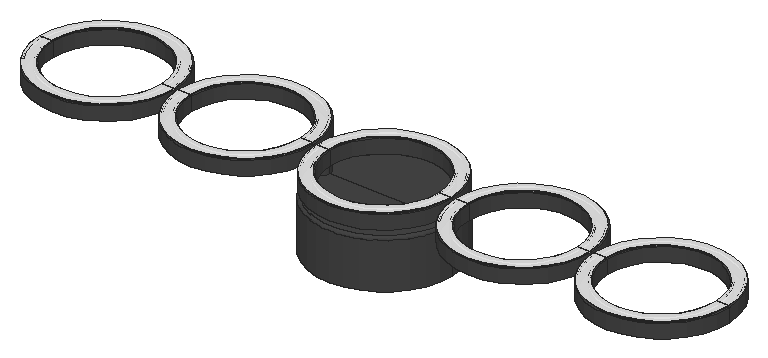
Revit family "AFX-Glo-Led_Sconce-Vanity-1", category Lighting Fixtures, host Face, Revit 2020
Family settings
  Host = Face
  Round Connector Dimension = Use Diameter
  Part Type = Normal
  Cut with Voids When Loaded = No
  Light Source = Yes
  Shared = No
  Room Calculation Point = No
Parameters (values of type "GLOV2405L30D1BK")
  Width = 4 3/4"
  Wattage Comments = "12W"
  Wattage = 19 W
  built-in parameter 1150110 = 1 (stored number, unit not read)
  Voltage = 120 V
  URL = "https://www.afxinc.com/"
  Type Comments = "GLO"  # constant formula
  built-in parameter 1114217 = 1 (stored number, unit not read)
  Tilt Angle = 90.00°
  built-in parameter 1150109 = 1 (stored number, unit not read)
  built-in parameter 1150134 = (empty or 0)
  built-in parameter 1150113 = 1 (stored number, unit not read)
  Qty L = if(and(Height = 24"), 5, 3)  # 5
  Emit from Rectangle Width = 24"
  Emit from Rectangle Length = 48"
  Diffuser Finish = AFX - White Acrylic
  Revit Model Built By = "https://servex-us.com/servex-revit/"
  Product Documentation Link = "https://www.afxinc.com/products/productDetail.cfm?productID=1912"
  Photometric Web File = "GLOV2405L30D1xx_IES.IES"
  built-in parameter 1150142 = "IESNA:LM-63-2002\r\n[TEST] \r\n[TESTLAB] LCTECH\r\n[TESTDATE] 2022/9/19\r\n[ISSUEDATE] 2022/9/19\r\n[MANUFAC] AFX\r\n[LUMCAT] GLOV2405L30D1xx\r\n[LUMINAIRE] LED µÆ¾ß\r\n[LAMPCAT] \r\n[LAMP] \r\n[LumELE] 120 0.124 14.72 0.99\r\nTILT=NONE\r\n1 723.33 1 37 7 1 2 .12 .6 0\r\n1 1 14.72\r\n0.00 5.00 10.00 15.00 20.00 25.00 30.00 35.00 40.00 45.00 50.00 55.00 60.00 65.00 70.00 75.00 80.00 85.00 90.00 95.00 100.00 105.00 110.00 115.00 120.00 125.00 130.00 135.00 140.00 145.00 150.00 155.00 160.00 165.00 170.00 175.00 180.00\r\n0.00 15.00 30.00 45.00 60.00 75.00 90.00\r\n232.44 231.551 227.773 222.04 214.395 204.929 194.085 181.374 167.952 153.508 137.419 121.375 104.309 87.198 70.443 53.999 39.155 23.466 11.733 2.044 2.844 3.422 3.511 3.467 3.333 3.20 3.20 3.289 3.022 2.889 2.711 2.711 2.489 2.222 2.178 2.80 1.482\r\n232.44 231.331 227.849 222.193 214.585 205.026 194.114 181.249 167.698 152.882 137.091 121.211 104.487 87.409 70.309 56.006 39.058 23.999 9.314 3.26 4.036 4.391 4.391 4.17 3.925 3.837 3.859 3.615 3.305 3.194 2.994 2.905 2.528 2.329 2.262 2.772 1.482\r\n232.44 231.308 227.846 222.231 214.62 205.21 193.737 181.376 167.529 152.904 137.214 121.191 106.23 87.459 70.571 54.282 39.324 24.921 10.698 5.06 5.948 5.97 5.437 4.949 4.616 4.527 4.327 4.083 3.751 3.462 3.307 3.151 2.929 2.552 2.33 2.73 1.482\r\n232.44 231.262 227.753 222.244 214.603 205.096 193.878 181.15 167.445 154.379 137.189 121.373 104.536 87.298 70.639 54.334 39.829 26.255 11.93 6.442 7.174 6.841 6.153 5.62 5.176 4.842 4.553 4.265 3.865 3.643 3.399 3.243 3.088 2.732 2.421 2.644 1.482\r\n232.44 231.376 227.921 222.096 214.565 204.907 195.296 181.118 167.563 152.833 137.129 120.96 104.259 87.248 70.415 54.289 39.803 26.824 13.002 7.198 8.063 7.398 6.601 6.114 5.582 5.161 4.74 4.297 3.921 3.699 3.455 3.256 3.101 2.835 2.481 2.414 1.482\r\n232.44 231.209 227.801 222.284 214.348 204.72 193.575 181.001 167.152 152.512 136.773 120.858 104.02 86.895 70.079 54.032 39.678 27.193 13.41 7.32 8.332 7.584 6.749 6.221 5.825 5.408 4.946 4.506 4.067 3.759 3.517 3.341 3.056 2.902 2.66 2.374 1.482\r\n232.44 231.434 228.109 222.379 214.768 205.145 194.035 181.00 167.484 152.962 136.953 120.90 103.885 86.826 69.854 53.933 39.542 27.426 13.778 7.48 8.267 7.655 6.736 6.255 5.774 5.38 5.03 4.637 4.155 3.805 3.587 3.368 3.193 2.887 2.712 2.406 1.482\r\n"
  Model = "GLOV2405L30D1BK"
  Manufacturer = "AFX Inc"  # constant formula
  built-in parameter 1150105 = 906.94 (stored number, unit not read)
  Lumens = 2822.3 lm
  built-in parameter 1150115 = 1 (stored number, unit not read)
  built-in parameter 1150137 = (empty or 0)
  built-in parameter 1150139 = (empty or 0)
  built-in parameter 1150112 = 1 (stored number, unit not read)
  built-in parameter 1150114 = 1 (stored number, unit not read)
  Lamp = "LED"
  built-in parameter 1150132 = (empty or 0)
  built-in parameter 1150102 = (empty or 0)
  built-in parameter 1150107 = 3000 (stored number, unit not read)
  built-in parameter 1150138 = (empty or 0)
  built-in parameter 1150106 = 9.0694 (stored number, unit not read)
  Height = 24"
  Emit Shape Visible in Rendering = no
  built-in parameter 1150104 = 13.8 (stored number, unit not read)
  Dimming Lamp Color Temperature Shift = <None>
  Description = "LED Vanity - 24\"H x 4 3/4\"W x 2 1/2\"D"
  Depth = 2 1/2"
  Default Elevation = 48"
  Connector Finish = AFX - Aluminum Black
  Colour Rendering Index = "90 CRI"
  Color Rendering Index = 90
  Color Filter = 16777215
  Canopy Finish = AFX - Aluminum Black
  Cable Finish = AFX - Aluminum Black
  Body Finish = AFX - Aluminum Black
  built-in parameter 1114218 = 1 (stored number, unit not read)
  built-in parameter 1150133 = 10 (stored number, unit not read)
  Assembly Code = "D5020200"
  Apparent Load = 120 VA
Types (3): name | Qty L | Photometric Web File | built-in parameter 1150142 | Model | built-in parameter 1150105 | built-in parameter 1150106 | Height | Description
  (no name) | 5 | "GLOV2405L30D1xx_IES.IES" | "IESNA:LM-63-2002\r\n[TEST] \r\n[TESTLAB] LCTECH\r\n[TESTDATE] 2022/9/19\r\n[ISSUEDATE] 2022/9/19\r\n[MANUFAC] AFX\r\n[LUMCAT] GLOV2405L30D1xx\r\n[LUMINAIRE] LED µÆ¾ß\r\n[LAMPCAT] \r\n[LAMP] \r\n[LumELE] 120 0.124 14.72 0.99\r\nTILT=NONE\r\n1 723.33 1 37 7 1 2 .12 .6 0\r\n1 1 14.72\r\n0.00 5.00 10.00 15.00 20.00 25.00 30.00 35.00 40.00 45.00 50.00 55.00 60.00 65.00 70.00 75.00 80.00 85.00 90.00 95.00 100.00 105.00 110.00 115.00 120.00 125.00 130.00 135.00 140.00 145.00 150.00 155.00 160.00 165.00 170.00 175.00 180.00\r\n0.00 15.00 30.00 45.00 60.00 75.00 90.00\r\n232.44 231.551 227.773 222.04 214.395 204.929 194.085 181.374 167.952 153.508 137.419 121.375 104.309 87.198 70.443 53.999 39.155 23.466 11.733 2.044 2.844 3.422 3.511 3.467 3.333 3.20 3.20 3.289 3.022 2.889 2.711 2.711 2.489 2.222 2.178 2.80 1.482\r\n232.44 231.331 227.849 222.193 214.585 205.026 194.114 181.249 167.698 152.882 137.091 121.211 104.487 87.409 70.309 56.006 39.058 23.999 9.314 3.26 4.036 4.391 4.391 4.17 3.925 3.837 3.859 3.615 3.305 3.194 2.994 2.905 2.528 2.329 2.262 2.772 1.482\r\n232.44 231.308 227.846 222.231 214.62 205.21 193.737 181.376 167.529 152.904 137.214 121.191 106.23 87.459 70.571 54.282 39.324 24.921 10.698 5.06 5.948 5.97 5.437 4.949 4.616 4.527 4.327 4.083 3.751 3.462 3.307 3.151 2.929 2.552 2.33 2.73 1.482\r\n232.44 231.262 227.753 222.244 214.603 205.096 193.878 181.15 167.445 154.379 137.189 121.373 104.536 87.298 70.639 54.334 39.829 26.255 11.93 6.442 7.174 6.841 6.153 5.62 5.176 4.842 4.553 4.265 3.865 3.643 3.399 3.243 3.088 2.732 2.421 2.644 1.482\r\n232.44 231.376 227.921 222.096 214.565 204.907 195.296 181.118 167.563 152.833 137.129 120.96 104.259 87.248 70.415 54.289 39.803 26.824 13.002 7.198 8.063 7.398 6.601 6.114 5.582 5.161 4.74 4.297 3.921 3.699 3.455 3.256 3.101 2.835 2.481 2.414 1.482\r\n232.44 231.209 227.801 222.284 214.348 204.72 193.575 181.001 167.152 152.512 136.773 120.858 104.02 86.895 70.079 54.032 39.678 27.193 13.41 7.32 8.332 7.584 6.749 6.221 5.825 5.408 4.946 4.506 4.067 3.759 3.517 3.341 3.056 2.902 2.66 2.374 1.482\r\n232.44 231.434 228.109 222.379 214.768 205.145 194.035 181.00 167.484 152.962 136.953 120.90 103.885 86.826 69.854 53.933 39.542 27.426 13.778 7.48 8.267 7.655 6.736 6.255 5.774 5.38 5.03 4.637 4.155 3.805 3.587 3.368 3.193 2.887 2.712 2.406 1.482\r\n" | "GLOV2405L30D1BK" | 906.94 (stored number, unit not read) | 9.0694 (stored number, unit not read) | 24" | "LED Vanity - 24\"H x 4 3/4\"W x 2 1/2\"D"
  GLOS0514L30D1BK | 3 | "GLOS0514L30D1xx_IES.IES" | "IESNA:LM-63-2002\r\n[TEST] \r\n[TESTLAB] LCTECH\r\n[TESTDATE] 2022/9/19\r\n[ISSUEDATE] 2022/9/19\r\n[MANUFAC] AFX\r\n[LUMCAT] GLOS0514L30D1xx\r\n[LUMINAIRE] LED µÆ¾ß\r\n[LAMPCAT] \r\n[LAMP] \r\n[LumELE] 119.99 0.1 11.98 0.9947\r\nTILT=NONE\r\n1 559.38 1 37 7 1 2 .12 .355 0\r\n1 1 11.98\r\n0.00 5.00 10.00 15.00 20.00 25.00 30.00 35.00 40.00 45.00 50.00 55.00 60.00 65.00 70.00 75.00 80.00 85.00 90.00 95.00 100.00 105.00 110.00 115.00 120.00 125.00 130.00 135.00 140.00 145.00 150.00 155.00 160.00 165.00 170.00 175.00 180.00\r\n0.00 15.00 30.00 45.00 60.00 75.00 90.00\r\n180.597 179.843 177.18 172.743 166.93 159.742 151.045 141.46 130.589 119.185 107.382 94.558 81.335 67.668 54.49 41.755 30.129 19.169 8.076 2.174 2.529 2.662 2.307 2.086 1.997 1.908 1.952 1.997 2.041 1.952 1.908 1.775 1.686 1.42 1.331 1.731 0.954\r\n180.597 179.642 177.354 172.777 167.002 159.783 151.342 141.324 130.861 119.466 107.137 94.587 81.503 67.997 54.38 43.099 30.056 19.013 8.199 2.799 3.087 3.02 2.643 2.421 2.266 2.221 2.199 2.177 2.066 1.91 1.932 1.821 1.821 1.599 1.488 1.733 0.954\r\n180.597 179.865 177.29 172.919 167.082 159.604 151.259 141.295 130.954 119.747 107.209 94.604 82.865 67.907 54.503 41.876 30.225 19.44 8.944 3.95 4.15 3.728 3.284 2.907 2.73 2.641 2.574 2.419 2.33 2.219 2.13 1.997 1.931 1.753 1.598 1.775 0.954\r\n180.597 179.844 177.297 172.956 167.087 159.711 151.206 141.66 130.785 120.642 106.954 94.374 81.24 67.685 54.44 41.905 30.52 19.867 9.192 5.05 5.094 4.496 3.898 3.544 3.189 2.924 2.835 2.636 2.458 2.259 2.237 2.126 2.038 1.949 1.661 1.705 0.954\r\n180.597 179.778 177.058 172.724 166.93 159.565 152.137 141.165 130.726 119.182 106.886 94.169 81.143 67.808 54.494 41.866 30.565 19.969 9.605 5.686 5.505 4.932 4.29 3.892 3.583 3.295 3.03 2.764 2.565 2.366 2.234 2.189 2.101 1.968 1.792 1.703 0.954\r\n180.597 179.737 177.201 172.99 166.925 159.605 151.182 141.478 130.74 119.229 107.057 94.335 81.214 67.63 54.378 41.876 30.476 20.197 9.863 5.89 5.643 5.05 4.432 4.035 3.727 3.484 3.219 2.889 2.624 2.47 2.293 2.161 2.139 2.007 1.853 1.764 0.954\r\n180.597 179.809 177.269 173.021 166.803 159.577 150.775 141.36 130.543 119.113 106.852 94.196 80.796 67.133 54.083 41.558 30.391 20.932 7.532 5.08 6.218 4.948 4.379 4.073 3.722 3.46 3.241 2.934 2.759 2.496 2.321 2.19 2.146 2.058 1.927 1.708 0.954\r\n" | "GLOS0514L30D1BK" | 911.18 (stored number, unit not read) | 9.1118 (stored number, unit not read) | 14 1/4" | "LED Sconce - 14 1/4\"H x 4 3/4\"W x 2 1/2\"D"
  GLOV2405L30D1BK | 5 | "GLOV2405L30D1xx_IES.IES" | "IESNA:LM-63-2002\r\n[TEST] \r\n[TESTLAB] LCTECH\r\n[TESTDATE] 2022/9/19\r\n[ISSUEDATE] 2022/9/19\r\n[MANUFAC] AFX\r\n[LUMCAT] GLOV2405L30D1xx\r\n[LUMINAIRE] LED µÆ¾ß\r\n[LAMPCAT] \r\n[LAMP] \r\n[LumELE] 120 0.124 14.72 0.99\r\nTILT=NONE\r\n1 723.33 1 37 7 1 2 .12 .6 0\r\n1 1 14.72\r\n0.00 5.00 10.00 15.00 20.00 25.00 30.00 35.00 40.00 45.00 50.00 55.00 60.00 65.00 70.00 75.00 80.00 85.00 90.00 95.00 100.00 105.00 110.00 115.00 120.00 125.00 130.00 135.00 140.00 145.00 150.00 155.00 160.00 165.00 170.00 175.00 180.00\r\n0.00 15.00 30.00 45.00 60.00 75.00 90.00\r\n232.44 231.551 227.773 222.04 214.395 204.929 194.085 181.374 167.952 153.508 137.419 121.375 104.309 87.198 70.443 53.999 39.155 23.466 11.733 2.044 2.844 3.422 3.511 3.467 3.333 3.20 3.20 3.289 3.022 2.889 2.711 2.711 2.489 2.222 2.178 2.80 1.482\r\n232.44 231.331 227.849 222.193 214.585 205.026 194.114 181.249 167.698 152.882 137.091 121.211 104.487 87.409 70.309 56.006 39.058 23.999 9.314 3.26 4.036 4.391 4.391 4.17 3.925 3.837 3.859 3.615 3.305 3.194 2.994 2.905 2.528 2.329 2.262 2.772 1.482\r\n232.44 231.308 227.846 222.231 214.62 205.21 193.737 181.376 167.529 152.904 137.214 121.191 106.23 87.459 70.571 54.282 39.324 24.921 10.698 5.06 5.948 5.97 5.437 4.949 4.616 4.527 4.327 4.083 3.751 3.462 3.307 3.151 2.929 2.552 2.33 2.73 1.482\r\n232.44 231.262 227.753 222.244 214.603 205.096 193.878 181.15 167.445 154.379 137.189 121.373 104.536 87.298 70.639 54.334 39.829 26.255 11.93 6.442 7.174 6.841 6.153 5.62 5.176 4.842 4.553 4.265 3.865 3.643 3.399 3.243 3.088 2.732 2.421 2.644 1.482\r\n232.44 231.376 227.921 222.096 214.565 204.907 195.296 181.118 167.563 152.833 137.129 120.96 104.259 87.248 70.415 54.289 39.803 26.824 13.002 7.198 8.063 7.398 6.601 6.114 5.582 5.161 4.74 4.297 3.921 3.699 3.455 3.256 3.101 2.835 2.481 2.414 1.482\r\n232.44 231.209 227.801 222.284 214.348 204.72 193.575 181.001 167.152 152.512 136.773 120.858 104.02 86.895 70.079 54.032 39.678 27.193 13.41 7.32 8.332 7.584 6.749 6.221 5.825 5.408 4.946 4.506 4.067 3.759 3.517 3.341 3.056 2.902 2.66 2.374 1.482\r\n232.44 231.434 228.109 222.379 214.768 205.145 194.035 181.00 167.484 152.962 136.953 120.90 103.885 86.826 69.854 53.933 39.542 27.426 13.778 7.48 8.267 7.655 6.736 6.255 5.774 5.38 5.03 4.637 4.155 3.805 3.587 3.368 3.193 2.887 2.712 2.406 1.482\r\n" | "GLOV2405L30D1BK" | 906.94 (stored number, unit not read) | 9.0694 (stored number, unit not read) | 24" | "LED Vanity - 24\"H x 4 3/4\"W x 2 1/2\"D"
Reference planes (in)
  plane 1 "Center (Front/Back)": y = 0
  plane 2: z = 0
  plane 3 "Center (Left/Right)": x = 0
  plane 4: x = -12
  plane 5: x = 12
  plane 6: y = 2.375
  plane 7: y = -2.375
  plane 8: z = 2.5
  plane 9: x = 2.375
  plane 10: x = -2.375
  plane 11: z = 1.69291
  plane 12: z = 1.91658
Forms (in)
  Revolve 1, solid, material "AFX - Aluminum Black" <- "Canopy Finish"
    sketch origin (0, 0, 0) x (1, 0, 0) y (0, 0, 1)
      loop
        arc (-2.28125, 1.69291) -> (-2.34754, 1.66545) -> (-2.375, 1.59916) r 0.09375
        line (-2.375, 1.59916) -> (-2.375, 0) -> (0, 0) -> (0, 1.69291) -> (-2.28125, 1.69291)
      axis (0, 1.69291) -> (0, 0)
    angle from 0 to 360
  Extrusion 2, solid, material "AFX - Aluminum Black" <- "Connector Finish"
    sketch origin (-23.60649, -180, 36) x (1, 0, 0) y (0, 1, 0)
      loop
        circle (21.47411, 180) r 0.24262
      loop
        circle (25.73887, 180) r 0.24262
    from -34.30709 to -34.08342
Lines and regions (in)
  symbolic lines
    curve 1: line (2.375, 0, 0) -> (-2.375, 0, 0)
    curve 2: line (2.375, 0, 1.69291) -> (2.375, 0, 0)
    curve 3: line (-2.375, 0, 1.69291) -> (2.375, 0, 1.69291)
    curve 4: line (-2.375, 0, 0) -> (-2.375, 0, 1.69291)
    curve 5: line (2.375, 0, 1.91658) -> (1.88976, 0, 1.91658)
    curve 6: line (2.375, 0, 1.69291) -> (2.375, 0, 1.91658)
    curve 7: line (1.88976, 0, 1.69291) -> (2.375, 0, 1.69291)
    curve 8: line (1.88976, 0, 1.91658) -> (1.88976, 0, 1.69291)
    curve 9: line (-2.375, 0, 1.91658) -> (-1.88976, 0, 1.91658)
    curve 10: line (-2.375, 0, 1.69291) -> (-2.375, 0, 1.91658)
    curve 11: line (-1.88976, 0, 1.69291) -> (-2.375, 0, 1.69291)
    curve 12: line (-1.88976, 0, 1.91658) -> (-1.88976, 0, 1.69291)
Dimensions and locks (in)
  equal spacing: plane 4, plane 3 "Center (Left/Right)", plane 5
  "Height": plane 4 to plane 5
  equal spacing: plane 6, plane 1 "Center (Front/Back)", plane 7
  "Width": plane 6 to plane 7
  "Depth": plane 8 to plane 2
  plane 9 to plane 10 = 4 3/4"
  equal spacing: plane 10, plane 3 "Center (Left/Right)", plane 9, locked at 2.375 each
  plane 8 to plane 11 = 0.80709"
  locked: plane 11 to Revolve 1 sketch curve at 0.09375
  locked: Revolve 1 sketch curve to plane 10 at 0.09375
  equal spacing: group 1, group 3, group 4, group 5, group 2  (x3)
  locked: plane 10 to Extrusion 2 sketch curve at 0.24262
  locked: Extrusion 2 sketch curve to plane 9 at 0.24262
  locked: plane 8 to plane 12 at 0.58342
  aligned and locked: plane 2 to host face
  aligned and locked: level to host face
  aligned and locked: Revolve 1 sketch curve to plane 3 "Center (Left/Right)"  (x2)
  aligned and locked: plane 2 to Revolve 1 sketch curve
  aligned and locked: Revolve 1 sketch curve to plane 11
  aligned and locked: plane 10 to Revolve 1 sketch curve
  aligned and locked: plane 4 to nested 1
  aligned and locked: plane 5 to nested 2
  aligned and locked: plane 1 "Center (Front/Back)" to Extrusion 2 sketch curve  (x2)
  aligned and locked: Extrusion 2 to plane 11
  aligned and locked: plane 12 to Extrusion 2
  aligned and locked: plane 11 to curve 3
  aligned and locked: plane 9 to curve 2
  aligned and locked: curve 4 to plane 10
  aligned and locked: curve 1 to plane 2
  aligned and locked: curve 8 to Extrusion 2
  aligned and locked: curve 10 to Extrusion 2
  aligned and locked: curve 12 to Extrusion 2
  aligned and locked: imposter light to plane 3 "Center (Left/Right)"
  aligned and locked: imposter light to plane 1 "Center (Front/Back)"
  aligned and locked: imposter light to plane 12
Automatic sketch dimensions
  host sketch curve to host sketch curve = 96"  (x2)
  Revolve 1 sketch curve to Revolve 1 sketch curve = 5 1/2"
  plane 8 to Revolve 1 sketch curve = 3 1/4"
  curve 12 to plane 12 = 0"
  curve 6 to plane 12 = 0"
  radius of Extrusion 2 sketch curve = 0.24262"  (x2)
Nested families (in)
  nested 1: "Lamp" at (-9.6378, 0, 0), Body Finish <- "Body Finish", Diffuser Finish <- "Diffuser Finish", type "Led"
    with Diffuser Finish AFX - White Acrylic, Body Finish AFX - Aluminum Black
  nested 2: "Lamp" at (9.6378, 0, 0), Body Finish <- "Body Finish", Diffuser Finish <- "Diffuser Finish", type "Led"
    with Diffuser Finish AFX - White Acrylic, Body Finish AFX - Aluminum Black
  nested 3: "Lamp" at (-4.8189, 0, 0), Body Finish <- "Body Finish", Diffuser Finish <- "Diffuser Finish", type "Led"
    with Diffuser Finish AFX - White Acrylic, Body Finish AFX - Aluminum Black
  nested 4: "Lamp" at (0, 0, 0), Body Finish <- "Body Finish", Diffuser Finish <- "Diffuser Finish", type "Led"
    with Diffuser Finish AFX - White Acrylic, Body Finish AFX - Aluminum Black
  nested 5: "Lamp" at (4.8189, 0, 0), Body Finish <- "Body Finish", Diffuser Finish <- "Diffuser Finish", type "Led"
    with Diffuser Finish AFX - White Acrylic, Body Finish AFX - Aluminum Black
Connectors (in)
  electrical at (0, 0, 0), driven by "Voltage", driven by "Apparent Load"
    settings: on Revolve 1, index 1, voltage 120 V, apparent load 0 VA, apparent load phase1 120 VA, apparent load phase2 0 VA, apparent load phase3 0 VA, power factor 1, load classification "Lighting", number of poles 1, system type 31, power factor state 1, is connector primary yes, connector utility no, sub classification motor no, connector description ""
Definition of nested family "Lamp"
  Parameters (values of type "Led")
    Diffuser Finish [instance] = none
    Default Elevation = 0"
    Body Finish [instance] = none
  Reference planes (in)
    plane 1 "Center (Front/Back)": y = 0
    plane 2: z = 0
    plane 3 "Center (Left/Right)": x = 0
    plane 4: x = -2.3622
    plane 5: x = 2.3622
    plane 6: y = -2.3622
    plane 7: y = 2.3622
  Forms (in)
    Revolve 1, solid, material <- "Body Finish"
      sketch origin (0, 0, 0) x (1, 0, 0) y (0, 0, 1)
        loop
          line (2.3622, 2.38902) -> (2.30315, 2.38902) -> (2.30315, 1.97564) -> (1.94882, 1.97564) -> (1.94882, 2.38902) -> (1.88976, 2.38902) -> (1.88976, 1.91658) -> (2.3622, 1.91658) -> (2.3622, 2.38902)
        axis (0, 2.38902) -> (0, 1.91658)
      angle from 0 to 360
    Revolve 2, solid, material <- "Diffuser Finish"
      sketch origin (0, 0, 0) x (1, 0, 0) y (0, 0, 1)
        loop
          line (1.94882, 2.37044) -> (1.94882, 2.29661) -> (1.99569, 2.29661) -> (1.99569, 2.38902) -> (2.25627, 2.38902) -> (2.25627, 2.29661) -> (2.30315, 2.29661) -> (2.30315, 2.37044) -> (2.3425, 2.42839) -> (1.90947, 2.42839) -> (1.94882, 2.37044)
        axis (0, 2.42839) -> (0, 2.29661)
      angle from 0 to 360
  Lines and regions (in)
    symbolic lines
      curve 1: line (2.3622, 0, 2.38902) -> (-2.3622, 0, 2.38902)
      curve 2: line (2.3622, 0, 1.91658) -> (2.3622, 0, 2.38902)
      curve 3: line (-2.3622, 0, 1.91658) -> (2.3622, 0, 1.91658)
      curve 4: line (-2.3622, 0, 2.38902) -> (-2.3622, 0, 1.91658)
      curve 5: line (2.3425, 0, 2.42839) -> (-2.3425, 0, 2.42839)
      curve 6: line (-2.3425, 0, 2.42839) -> (-2.31577, 0, 2.38902)
      curve 7: line (2.3425, 0, 2.42839) -> (2.31577, 0, 2.38902)
  Dimensions and locks (in)
    plane 4 to plane 3 "Center (Left/Right)" to plane 5 = 2.3622", 2.3622"
    plane 4 to plane 5 = 4.72441"
    equal spacing: plane 7, plane 1 "Center (Front/Back)", plane 6
    plane 7 to plane 6 = 4.72441"
    aligned and locked: plane 2 to level
    aligned and locked: Revolve 1 sketch curve to plane 3 "Center (Left/Right)"
    aligned and locked: Revolve 2 sketch curve to plane 3 "Center (Left/Right)"
    aligned and locked: curve 1 to Revolve 1
    aligned and locked: curve 2 to Revolve 1
    aligned and locked: curve 3 to Revolve 1
    aligned and locked: curve 4 to Revolve 1
  Automatic sketch dimensions
    Revolve 1 sketch curve to plane 5 = 0"
    Revolve 1 sketch curve to Revolve 1 sketch curve = 0.47244"
    Revolve 1 sketch curve to Revolve 1 sketch curve = 0.05906"  (x3)
    level to Revolve 1 sketch curve = 1.91658"
    Revolve 1 sketch curve to Revolve 1 sketch curve = 0.41339"
    Revolve 1 sketch curve to Revolve 1 sketch curve = 0"
    level to Revolve 1 sketch curve = 1.45366"
    Revolve 1 sketch curve to Revolve 1 sketch curve = 1 1/2"
    Revolve 2 sketch curve to plane 5 = 0.45274"
    Revolve 2 sketch curve to Revolve 2 sketch curve = 0.03935"
    Revolve 2 sketch curve to Revolve 2 sketch curve = 3/64"  (x2)
    Revolve 2 sketch curve to plane 5 = 0.10593"
    Revolve 2 sketch curve to plane 5 = 0.0197"
    level to Revolve 2 sketch curve = 2.29661"
    Revolve 2 sketch curve to Revolve 2 sketch curve = 0"
    Revolve 2 sketch curve to Revolve 2 sketch curve = 0.07383"  (x2)
    Revolve 2 sketch curve to Revolve 2 sketch curve = 0.01858"
    Revolve 2 sketch curve to Revolve 2 sketch curve = 0.05795"
    level to Revolve 2 sketch curve = 1.44027"
    Revolve 2 sketch curve to Revolve 2 sketch curve = 1 1/4"
    plane 4 to curve 5 = 0.0197"
    curve 1 to curve 6 = 0.03937"
    plane 4 to curve 6 = 0.04644"
    curve 7 to curve 1 = 0.04644"
    curve 7 to plane 5 = 0.0197"
